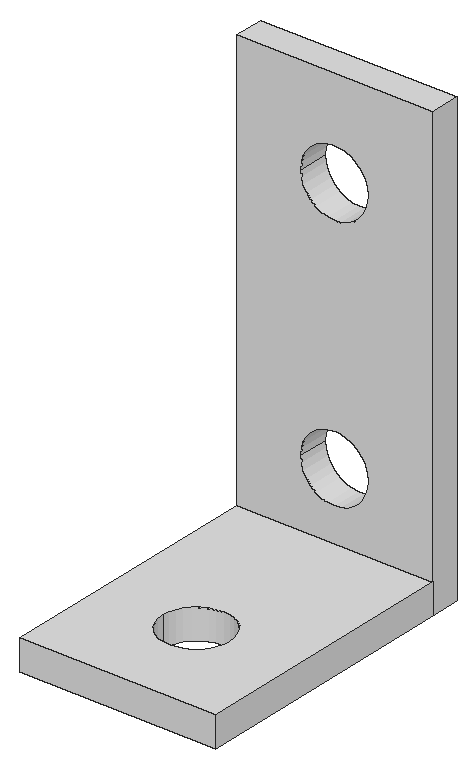
Revit family "P6458_Fittings", category Generic Models, Revit 2020
Family settings
  Can host rebar = No
  Round Connector Dimension = Use Diameter
  Part Type = Normal
  Work Plane-Based = Yes
  Always vertical = No
  Cut with Voids When Loaded = No
  Shared = No
  Room Calculation Point = No
Parameters (values of type "P6458 EG")
  Weight = 0.08 lbf
  URL = "https://www.atkore.com/products/strut-and-fittings/p6458"
  UPC = "\"786364645803\""
  Type Comments = ""
  Salsify ID6 = ""
  Salsify ID5 = ""
  Salsify ID4 = ""
  Salsify ID3 = ""
  Salsify ID2 = ""
  Salsify ID1 = "US-P6458"
  Power-Strut Part Number = ""
  Part Number = "P6458 EG"
  Model = "P6458"
  Manufacturer = "Atkore Unistrut"
  Material = Electro Galvanized
  Disclaimer = ""
  Description = "P6458 - Fittings"
  Default Elevation = 0.000"
  Cost = 0
Reference planes (in)
  plane 1 "Center (Front/Back)": y = 0
  plane 2: z = 0
  plane 3 "Center (Left/Right)": x = 0
Forms (in)
  Extrusion 1, solid, material "Electro Galvanized" <- "Material"
    sketch origin (0, 0, 0) x (1, 0, 0) y (0, 0, 1)
      loop
        line (-0.40624, 1.875) -> (-0.40624, 0) -> (0.40626, 0) -> (0.40626, 1.875) -> (-0.40624, 1.875)
      loop
        circle (0, 1.46835) r 0.14077
      loop
        circle (0, 0.4048) r 0.14077
    from 0 to 0.125
  Extrusion 2, solid, material "Electro Galvanized" <- "Material"
    sketch origin (0, 0, 0) x (1, 0, 0) y (0, 1, 0)
      loop
        line (0.40626, -0.125) -> (-0.40625, -0.125) -> (-0.40625, -1.25) -> (0.40626, -1.25) -> (0.40626, -0.125)
      loop
        circle (0, -0.84335) r 0.14077
    from 0 to 0.125
Dimensions and locks (in)
  aligned and locked: plane 2 to level
